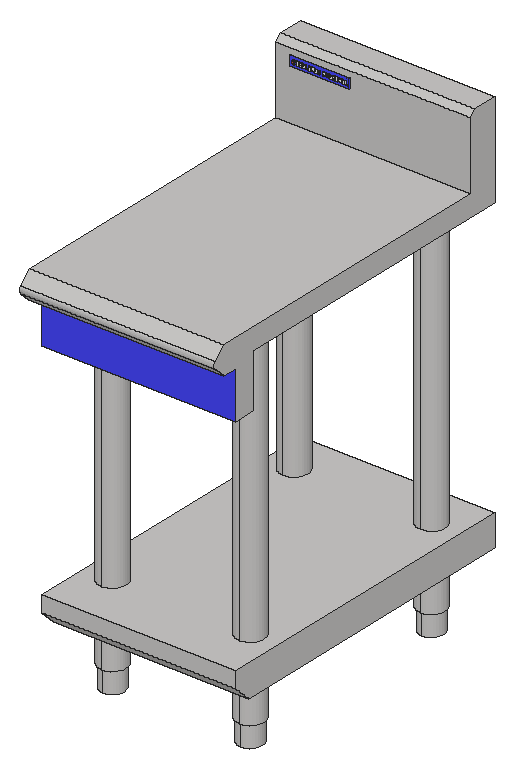
Revit family "QF_MOFFAT_BLUESEAL_CE_B45-LS", category Specialty Equipment, Revit 2012
Parameters
  Weight in Pounds = 88  # constant formula
  Width [instance] = 450.00 mm  # constant formula
  URL Cutsheet = "www.moffat.com"
  URL = "www.moffat.com"
  Type Mark [instance] = ""
  Status [instance] = ""
  Specification by User [instance] = ""
  Specification by Manufacturer = ""
  Show Logo [instance] = yes
  Show Casters [instance] = no
  Serial Number = ""
  Seismic Rating = ""
  SMACNA No = ""
  Revision Code [instance] = ""
  Omniclass Number and Title = ""
  NAFEM Spec ID Number = ""
  Model = "B45-LS"
  Masterspec = ""
  Manufacturer = "MOFFAT BLUESEAL"
  Legs [instance] = not(Show Casters)  # yes
  Item Number [instance] = ""
  Installed By [instance] = ""
  Identify Quantity as Lot [instance] = yes
  Height = 1085.00 mm  # constant formula
  Furnished By [instance] = ""
  Foodservice Equipment Identifier [instance] = yes
  Description = "450MM BENCH TOP ON LEG STAND"
  Depth [instance] = 812.00 mm  # constant formula
  CSI MasterFormat = ""
  CSI Master Format = ""
  Back Splash [instance] = 57.00 mm  # constant formula
Reference planes
  plane 1 "BACK": y = 0
  plane 2: z = 0
  plane 3 "LEFT": x = 0
  plane 4 "RIGHT": x = 450
  plane 5 "FRONT": y = -812
  plane 6 "TOP": z = 972
  plane 7 "Center Y": x = 225
  plane 8 "Center X": y = -406
  plane 9 "Base Height": z = 150
  plane 10: z = 915
  plane 11: x = 65
  plane 12: x = 384
  plane 13: y = -625
  plane 14: y = -100
  plane 15: z = 1085
Forms (mm)
  Extrusion 1, solid, material "QF_Finishes_Stainless Steel"
    sketch origin (0, 0, 0) x (0, 1, 0) y (0, 0, 1)
      loop
        line (0, 222.5) -> (-749, 222.5) -> (-749, 186) -> (-713, 150) -> (0, 150) -> (0, 222.5)
      loop
        line (-70, 915) -> (-783.97, 915) -> (-808.485, 890.485)
        arc (-808.485, 890.485) -> (-811.999, 882) -> (-808.485, 873.515) r 12
        line (-808.485, 873.515) -> (-784.97, 850) -> (-749, 850) -> (-749, 740) -> (-699, 740) -> (-699, 864.5) -> (0, 864.5) -> (0, 1085.5) -> (-57, 1085.5) -> (-70, 1072.5) -> (-70, 915)
    from 0 to 450
  Revolve 2, solid, material "QF_Finishes_Stainless Steel"
    sketch origin (65, -728, 0) x (0, 1, 0) y (0, 0, 1)
      loop
        line (71.25, 864.5) -> (71.25, 50) -> (75.5, 50) -> (75.5, 0) -> (103, 0) -> (103, 864.5) -> (71.25, 864.5)
      axis (103, 864.5) -> (103, 0)
    angle from 0 to 360
  Revolve 3, solid, material "QF_Finishes_Stainless Steel"
    sketch origin (384, -728, 0) x (0, 1, 0) y (0, 0, -1)
      loop
        line (71.25, -864.5) -> (103, -864.5) -> (103, 0) -> (75.5, 0) -> (75.5, -50) -> (71.25, -50) -> (71.25, -864.5)
      axis (103, -864.5) -> (103, 0)
    angle from 0 to 360
  Revolve 4, solid, material "QF_Finishes_Stainless Steel", visible <- "Show Casters"
    sketch origin (15.776, -99.755, -13.653) x (1, 0, 0) y (0, 0, 1)
      loop
        line (14.841, 63.604) -> (83.584, 63.604) -> (83.584, 67.109) -> (82.314, 68.379) -> (80.79, 68.379) -> (80.79, 71.826) -> (68.644, 71.826) -> (68.644, 81.79) -> (65.088, 83.843) -> (63.738, 92.179) -> (65.881, 92.179) -> (65.881, 98.529) -> (65.088, 98.529) -> (65.088, 104.879)
        arc (65.088, 104.879) -> (62.298, 111.614) -> (55.563, 114.404) r 9.525
        line (55.563, 114.404) -> (42.863, 114.404)
        arc (42.863, 114.404) -> (36.127, 111.614) -> (33.338, 104.879) r 9.525
        line (33.338, 104.879) -> (33.338, 98.529) -> (32.544, 98.529) -> (32.544, 92.179) -> (34.687, 92.179) -> (33.352, 83.932) -> (29.782, 81.871) -> (29.782, 71.826) -> (17.635, 71.826) -> (17.635, 68.379) -> (16.111, 68.379) -> (14.841, 67.109) -> (14.841, 63.604)
      axis (14.841, 63.604) -> (83.584, 63.604)
    angle from 0 to 360
  Extrusion 5, solid, material "QF_Finishes_Stainless Steel", visible <- "Show Casters"
    sketch origin (71.501, 133.353, -8.783) x (0, 1, 0) y (0, 0, 1)
      loop
        line (-201.603, 118.783) -> (-265.103, 118.783) -> (-252.746, 53.895)
        arc (-252.746, 53.895) -> (-233.353, 38.783) -> (-213.959, 53.895) r 20
        line (-213.959, 53.895) -> (-201.603, 118.783)
    from -35.667 to 22.923
  Revolve 6, solid, material "QF_Finishes_Stainless Steel", visible <- "Show Casters"
    sketch origin (65, -203, 0) x (0, 1, 0) y (0, 0, 1)
      loop
        line (67.25, 150) -> (67.25, 110) -> (103, 110) -> (103, 150) -> (67.25, 150)
      axis (103, 150) -> (103, 110)
    angle from 0 to 360
  Revolve 7, solid, material "QF_Finishes_Stainless Steel", visible <- "Show Casters"
    sketch origin (384, -203, 0) x (0, 1, 0) y (0, 0, -1)
      loop
        line (67.25, -150) -> (103, -150) -> (103, -110) -> (67.25, -110) -> (67.25, -150)
      axis (103, -150) -> (103, -110)
    angle from 0 to 360
  Revolve 8, solid, material "QF_Finishes_Stainless Steel", visible <- "Show Casters"
    sketch origin (334.776, -99.755, -13.653) x (1, 0, 0) y (0, 0, 1)
      loop
        line (14.841, 63.604) -> (83.584, 63.604) -> (83.584, 67.109) -> (82.314, 68.379) -> (80.79, 68.379) -> (80.79, 71.826) -> (68.644, 71.826) -> (68.644, 81.79) -> (65.088, 83.843) -> (63.738, 92.179) -> (65.881, 92.179) -> (65.881, 98.529) -> (65.088, 98.529) -> (65.088, 104.879)
        arc (65.088, 104.879) -> (62.298, 111.614) -> (55.563, 114.404) r 9.525
        line (55.563, 114.404) -> (42.863, 114.404)
        arc (42.863, 114.404) -> (36.127, 111.614) -> (33.338, 104.879) r 9.525
        line (33.338, 104.879) -> (33.338, 98.529) -> (32.544, 98.529) -> (32.544, 92.179) -> (34.687, 92.179) -> (33.352, 83.932) -> (29.782, 81.871) -> (29.782, 71.826) -> (17.635, 71.826) -> (17.635, 68.379) -> (16.111, 68.379) -> (14.841, 67.109) -> (14.841, 63.604)
      axis (14.841, 63.604) -> (83.584, 63.604)
    angle from 0 to 360
  Extrusion 9, solid, material "QF_Finishes_Stainless Steel", visible <- "Show Casters"
    sketch origin (390.501, 133.353, -8.783) x (0, 1, 0) y (0, 0, 1)
      loop
        line (-201.603, 118.783) -> (-265.103, 118.783) -> (-252.746, 53.895)
        arc (-252.746, 53.895) -> (-233.353, 38.783) -> (-213.959, 53.895) r 20
        line (-213.959, 53.895) -> (-201.603, 118.783)
    from -35.667 to 22.923
  Revolve 10, solid, material "QF_Finishes_Stainless Steel", visible <- "Legs"
    sketch origin (65, -165, 0) x (0, 1, 0) y (0, 0, 1)
      loop
        line (33.25, 150) -> (33.25, 50) -> (37.5, 50) -> (37.5, 0) -> (65, 0) -> (65, 150) -> (33.25, 150)
      axis (65, 150) -> (65, 0)
    angle from 0 to 360
  Revolve 11, solid, material "QF_Finishes_Stainless Steel", visible <- "Legs"
    sketch origin (384, -165, 0) x (0, 1, 0) y (0, 0, -1)
      loop
        line (33.25, -150) -> (65, -150) -> (65, 0) -> (37.5, 0) -> (37.5, -50) -> (33.25, -50) -> (33.25, -150)
      axis (65, -150) -> (65, 0)
    angle from 0 to 360
  Revolve 12, solid, material "QF_Finishes_Stainless Steel"
    sketch origin (65, -203, 150) x (0, 1, 0) y (0, 0, 1)
      loop
        line (71.25, 714.5) -> (71.25, 50) -> (75.5, 50) -> (75.5, 0) -> (103, 0) -> (103, 714.5) -> (71.25, 714.5)
      axis (103, 714.5) -> (103, 0)
    angle from 0 to 360
  Revolve 13, solid, material "QF_Finishes_Stainless Steel"
    sketch origin (384, -203, 150) x (0, 1, 0) y (0, 0, -1)
      loop
        line (71.25, -714.5) -> (103, -714.5) -> (103, 0) -> (75.5, 0) -> (75.5, -50) -> (71.25, -50) -> (71.25, -714.5)
      axis (103, -714.5) -> (103, 0)
    angle from 0 to 360
Cuts and joins
  joined: Extrusion 1, Revolve 2, Revolve 3, Revolve 12, Revolve 13
Lines and regions (mm)
  Split face 1
    outline origin (450, 0, 1085.5) x (-1, 0, 0) y (0, -1, 0)
      loop
        arc (342.206, 18.385) -> (350.866, 23.385) -> (350.866, 33.385) r 10
        line (350.866, 33.385) -> (346.824, 40.385)
        arc (346.824, 40.385) -> (343.164, 44.045) -> (338.164, 45.385) r 10
        line (338.164, 45.385) -> (110.206, 45.385)
        arc (110.206, 45.385) -> (101.545, 40.385) -> (101.545, 30.385) r 10
        line (101.545, 30.385) -> (105.587, 23.385)
        arc (105.587, 23.385) -> (109.247, 19.725) -> (114.247, 18.385) r 10
        line (114.247, 18.385) -> (342.206, 18.385)
  symbolic lines
    curve 1: line (0, 0, 0) -> (0, -812, 0)
    curve 2: line (450, 0, 0) -> (0, 0, 0)
    curve 3: line (450, -812, 0) -> (450, 0, 0)
    curve 4: line (0, -70, 0) -> (450, -70, 0)
    curve 5: line (0, -812, 0) -> (450, -812, 0)
    curve 14: line (111.836, -45.385, 0) -> (339.794, -45.385, 0)
    curve 15: arc (339.794, -45.385, 0) -> (348.455, -40.385, 0) -> (348.455, -30.385, 0) r 10
    curve 16: line (348.455, -30.385, 0) -> (344.413, -23.385, 0)
    curve 17: arc (344.413, -23.385, 0) -> (340.753, -19.725, 0) -> (335.753, -18.385, 0) r 10
    curve 18: line (335.753, -18.385, 0) -> (107.794, -18.385, 0)
    curve 19: arc (107.794, -18.385, 0) -> (99.134, -23.385, 0) -> (99.134, -33.385, 0) r 10
    curve 20: line (99.134, -33.385, 0) -> (103.176, -40.385, 0)
    curve 21: arc (103.176, -40.385, 0) -> (106.836, -44.045, 0) -> (111.836, -45.385, 0) r 10
  symbolic lines, style "SpecialityEquipmentHiddenLines", visible <- "Show Casters"
    curve 6: line (78.456, -47.735, 0) -> (105.952, -63.61, 0)
    curve 7: line (27.656, -135.723, 0) -> (78.456, -47.735, 0)
    curve 8: line (55.152, -151.598, 0) -> (27.656, -135.723, 0)
    curve 9: line (105.952, -63.61, 0) -> (55.152, -151.598, 0)
    curve 10: line (390.793, -47.151, 0) -> (418.289, -63.026, 0)
    curve 11: line (339.993, -135.139, 0) -> (390.793, -47.151, 0)
    curve 12: line (367.489, -151.014, 0) -> (339.993, -135.139, 0)
    curve 13: line (418.289, -63.026, 0) -> (367.489, -151.014, 0)
Dimensions and locks
  equal spacing: plane 3 "LEFT", plane 7 "Center Y", plane 4 "RIGHT"
  "Width": plane 3 "LEFT" to plane 4 "RIGHT"
  equal spacing: plane 5 "FRONT", plane 8 "Center X", plane 1 "BACK"
  "Depth": plane 5 "FRONT" to plane 1 "BACK"
  locked: plane 10 to level at 915
  locked: plane 9 "Base Height" to level at 150
  plane 6 "TOP" to plane 10 = 57.00 mm
  plane 13 to plane 14 = 525.00 mm
  plane 12 to plane 11 = 319.00 mm
  "Height": plane 15 to level
  Extrusion 1 sketch curve to level = 915.00 mm
  Revolve 4 sketch curve to Revolve 4 sketch curve = 50.80 mm
  Revolve 8 sketch curve to Revolve 8 sketch curve = 50.80 mm
  aligned and locked: level to plane 2
Automatic sketch dimensions
  curve 1 to plane 3 "LEFT" = 0.00 mm
  plane 1 "BACK" to curve 3 = 0.00 mm
  curve 3 to plane 4 "RIGHT" = 0.00 mm
  plane 5 "FRONT" to curve 3 = 0.00 mm
  plane 3 "LEFT" to curve 7 = 27.656 mm
  curve 9 to plane 11 = 9.848 mm
  plane 11 to curve 7 = 13.456 mm
  curve 6 to curve 19 = 20.678 mm
  curve 20 to curve 20 = 4.041 mm
  curve 19 to curve 19 = 8.66 mm
  curve 19 to curve 21 = 4.041 mm
  plane 1 "BACK" to curve 17 = 18.385 mm
  plane 12 to curve 17 = 48.247 mm
  curve 17 to curve 15 = 4.041 mm  (x2)
  plane 12 to curve 12 = 44.007 mm
  curve 17 to curve 17 = 8.66 mm
  plane 12 to curve 12 = 16.511 mm
  curve 11 to plane 12 = 6.793 mm
  curve 9 to plane 14 = 51.598 mm
  curve 13 to plane 14 = 51.014 mm
  curve 8 to curve 8 = 15.875 mm
  curve 12 to curve 12 = 15.875 mm
  plane 14 to curve 4 = 30.00 mm
  curve 6 to curve 21 = 18.225 mm
  curve 14 to curve 20 = 5.00 mm
  curve 14 to curve 15 = 10.00 mm
  curve 21 to curve 20 = 7.00 mm
  curve 15 to curve 17 = 7.00 mm
  Extrusion 1 sketch curve to plane 9 "Base Height" = 0.00 mm
  Extrusion 1 sketch curve to plane 1 "BACK" = 0.00 mm  (x2)
  plane 15 to Extrusion 1 sketch curve = 0.50 mm
  plane 14 to Extrusion 1 sketch curve = 43.00 mm
  Extrusion 1 sketch curve to plane 15 = 12.50 mm
  Extrusion 1 sketch curve to Extrusion 1 sketch curve = 13.00 mm
  Extrusion 1 sketch curve to plane 13 = 74.00 mm
  Extrusion 1 sketch curve to plane 13 = 88.00 mm
  Extrusion 1 sketch curve to Extrusion 1 sketch curve = 50.00 mm
  Extrusion 1 sketch curve to Extrusion 1 sketch curve = 36.00 mm
  Extrusion 1 sketch curve to plane 5 "FRONT" = 28.03 mm
  Extrusion 1 sketch curve to plane 5 "FRONT" = 27.03 mm
  Extrusion 1 sketch curve to plane 5 "FRONT" = 12.001 mm
  Extrusion 1 sketch curve to plane 5 "FRONT" = 3.515 mm  (x2)
  plane 9 "Base Height" to Extrusion 1 sketch curve = 36.00 mm
  Extrusion 1 sketch curve to Extrusion 1 sketch curve = 36.50 mm
  Extrusion 1 sketch curve to plane 10 = 175.00 mm
  Extrusion 1 sketch curve to plane 10 = 65.00 mm
  Extrusion 1 sketch curve to plane 10 = 50.50 mm
  Extrusion 1 sketch curve to Extrusion 1 sketch curve = 23.515 mm
  Extrusion 1 sketch curve to Extrusion 1 sketch curve = 8.485 mm
  Revolve 2 sketch curve to level = 0.00 mm
  Revolve 2 sketch curve to plane 13 = 0.00 mm  (x2)
  Revolve 2 sketch curve to plane 13 = 27.50 mm
  Revolve 2 sketch curve to Revolve 2 sketch curve = 31.75 mm
  Revolve 2 sketch curve to Revolve 2 sketch curve = 55.00 mm
  level to Revolve 2 sketch curve = 50.00 mm
  Revolve 2 sketch curve to Revolve 2 sketch curve = 0.00 mm
  Revolve 2 sketch curve to plane 10 = 50.50 mm
  Revolve 3 sketch curve to level = 0.00 mm
  Revolve 3 sketch curve to plane 13 = 0.00 mm  (x2)
  Revolve 3 sketch curve to plane 13 = 27.50 mm
  Revolve 3 sketch curve to plane 13 = 31.75 mm
  level to Revolve 3 sketch curve = 50.00 mm
  Revolve 3 sketch curve to Revolve 3 sketch curve = 0.00 mm
  Revolve 3 sketch curve to plane 10 = 50.50 mm
  Revolve 3 sketch curve to Revolve 3 sketch curve = 55.00 mm
  plane 3 "LEFT" to Revolve 4 sketch curve = 30.618 mm
  Revolve 4 sketch curve to Revolve 4 sketch curve = 1.27 mm  (x4)
  Revolve 4 sketch curve to Revolve 4 sketch curve = 1.524 mm  (x2)
  Revolve 4 sketch curve to Revolve 4 sketch curve = 12.146 mm  (x2)
  Revolve 4 sketch curve to plane 11 = 16.68 mm
  Revolve 4 sketch curve to Revolve 4 sketch curve = 0.794 mm  (x2)
  Revolve 4 sketch curve to Revolve 4 sketch curve = 3.57 mm
  Revolve 4 sketch curve to Revolve 4 sketch curve = 2.143 mm
  Revolve 4 sketch curve to plane 11 = 6.361 mm
  plane 11 to Revolve 4 sketch curve = 5.13 mm
  plane 11 to Revolve 4 sketch curve = 6.339 mm
  plane 11 to Revolve 4 sketch curve = 14.515 mm
  Revolve 4 sketch curve to Revolve 4 sketch curve = 1.349 mm  (x2)
  Revolve 4 sketch curve to Revolve 4 sketch curve = 3.556 mm
  Revolve 4 sketch curve to Revolve 4 sketch curve = 33.32 mm
  level to Revolve 4 sketch curve = 49.952 mm
  Revolve 4 sketch curve to Revolve 4 sketch curve = 0.00 mm
  Revolve 4 sketch curve to Revolve 4 sketch curve = 3.505 mm  (x2)
  Revolve 4 sketch curve to Revolve 4 sketch curve = 3.447 mm  (x2)
  Revolve 4 sketch curve to Revolve 4 sketch curve = 9.964 mm
  Revolve 4 sketch curve to Revolve 4 sketch curve = 10.045 mm
  Revolve 4 sketch curve to Revolve 4 sketch curve = 2.053 mm
  Revolve 4 sketch curve to Revolve 4 sketch curve = 2.061 mm
  Revolve 4 sketch curve to Revolve 4 sketch curve = 8.247 mm
  Revolve 4 sketch curve to Revolve 4 sketch curve = 8.336 mm
  Revolve 4 sketch curve to Revolve 4 sketch curve = 6.35 mm  (x2)
  Extrusion 5 sketch curve to plane 14 = 0.00 mm
  Extrusion 5 sketch curve to plane 14 = 19.393 mm
  Extrusion 5 sketch curve to plane 14 = 31.75 mm
  plane 14 to Extrusion 5 sketch curve = 19.393 mm
  plane 14 to Extrusion 5 sketch curve = 31.75 mm
  level to Extrusion 5 sketch curve = 45.111 mm
  Extrusion 5 sketch curve to Extrusion 5 sketch curve = 4.889 mm
  Extrusion 5 sketch curve to plane 9 "Base Height" = 40.00 mm
  Revolve 6 sketch curve to plane 9 "Base Height" = 0.00 mm
  Revolve 6 sketch curve to plane 14 = 0.00 mm  (x2)
  Revolve 6 sketch curve to plane 14 = 35.75 mm
  Revolve 6 sketch curve to Revolve 6 sketch curve = 40.00 mm
  level to Revolve 6 sketch curve = 50.00 mm
  Revolve 6 sketch curve to level = 55.00 mm
  Revolve 7 sketch curve to plane 9 "Base Height" = 0.00 mm
  Revolve 7 sketch curve to plane 14 = 0.00 mm  (x2)
  Revolve 7 sketch curve to plane 14 = 35.75 mm
  Revolve 7 sketch curve to plane 9 "Base Height" = 40.00 mm
  level to Revolve 7 sketch curve = 50.00 mm
  Revolve 7 sketch curve to level = 55.00 mm
  plane 12 to Revolve 8 sketch curve = 34.382 mm
  Revolve 8 sketch curve to Revolve 8 sketch curve = 1.27 mm  (x4)
  Revolve 8 sketch curve to Revolve 8 sketch curve = 1.524 mm  (x2)
  Revolve 8 sketch curve to Revolve 8 sketch curve = 12.146 mm  (x2)
  plane 12 to Revolve 8 sketch curve = 16.68 mm
  Revolve 8 sketch curve to Revolve 8 sketch curve = 0.794 mm  (x2)
  Revolve 8 sketch curve to Revolve 8 sketch curve = 3.57 mm
  Revolve 8 sketch curve to Revolve 8 sketch curve = 2.143 mm
  plane 12 to Revolve 8 sketch curve = 6.361 mm
  Revolve 8 sketch curve to plane 12 = 5.13 mm
  Revolve 8 sketch curve to plane 12 = 6.339 mm
  Revolve 8 sketch curve to plane 12 = 14.515 mm
  Revolve 8 sketch curve to Revolve 8 sketch curve = 1.349 mm  (x2)
  Revolve 8 sketch curve to Revolve 8 sketch curve = 3.556 mm
  Revolve 8 sketch curve to plane 4 "RIGHT" = 1.68 mm
  level to Revolve 8 sketch curve = 49.952 mm
  Revolve 8 sketch curve to Revolve 8 sketch curve = 0.00 mm
  Revolve 8 sketch curve to Revolve 8 sketch curve = 3.505 mm  (x2)
  Revolve 8 sketch curve to Revolve 8 sketch curve = 3.447 mm  (x2)
  Revolve 8 sketch curve to Revolve 8 sketch curve = 9.964 mm
  Revolve 8 sketch curve to Revolve 8 sketch curve = 10.045 mm
  Revolve 8 sketch curve to Revolve 8 sketch curve = 2.053 mm
  Revolve 8 sketch curve to Revolve 8 sketch curve = 2.061 mm
  Revolve 8 sketch curve to Revolve 8 sketch curve = 8.247 mm
  Revolve 8 sketch curve to Revolve 8 sketch curve = 8.336 mm
  Revolve 8 sketch curve to Revolve 8 sketch curve = 6.35 mm  (x2)
  Extrusion 9 sketch curve to plane 14 = 0.00 mm
  Extrusion 9 sketch curve to plane 14 = 19.393 mm
  Extrusion 9 sketch curve to plane 14 = 31.75 mm
  plane 14 to Extrusion 9 sketch curve = 19.393 mm
  plane 14 to Extrusion 9 sketch curve = 31.75 mm
  level to Extrusion 9 sketch curve = 45.111 mm
  Extrusion 9 sketch curve to Extrusion 9 sketch curve = 4.889 mm
  Extrusion 9 sketch curve to plane 9 "Base Height" = 40.00 mm
  Revolve 10 sketch curve to plane 9 "Base Height" = 0.00 mm
  Revolve 10 sketch curve to level = 0.00 mm
  Revolve 10 sketch curve to plane 14 = 0.00 mm  (x2)
  Revolve 10 sketch curve to Revolve 10 sketch curve = 27.50 mm
  Revolve 10 sketch curve to Revolve 10 sketch curve = 31.75 mm
  Revolve 10 sketch curve to level = 55.00 mm
  Revolve 10 sketch curve to Revolve 10 sketch curve = 50.00 mm
  Revolve 10 sketch curve to Revolve 10 sketch curve = 0.00 mm
  Revolve 11 sketch curve to plane 9 "Base Height" = 0.00 mm
  Revolve 11 sketch curve to level = 0.00 mm
  Revolve 11 sketch curve to plane 14 = 0.00 mm  (x2)
  Revolve 11 sketch curve to Revolve 11 sketch curve = 27.50 mm
  Revolve 11 sketch curve to Revolve 11 sketch curve = 31.75 mm
  level to Revolve 11 sketch curve = 50.00 mm
  Revolve 11 sketch curve to Revolve 11 sketch curve = 0.00 mm
  Revolve 11 sketch curve to Revolve 11 sketch curve = 55.00 mm
  level to Revolve 12 sketch curve = 150.00 mm
  Revolve 12 sketch curve to plane 14 = 0.00 mm  (x2)
  Revolve 12 sketch curve to plane 14 = 27.50 mm
  Revolve 12 sketch curve to Revolve 12 sketch curve = 31.75 mm
  Revolve 12 sketch curve to Revolve 12 sketch curve = 55.00 mm
  level to Revolve 12 sketch curve = 200.00 mm
  Revolve 12 sketch curve to Revolve 12 sketch curve = 0.00 mm
  Revolve 12 sketch curve to plane 10 = 50.50 mm
  level to Revolve 13 sketch curve = 150.00 mm
  Revolve 13 sketch curve to plane 14 = 0.00 mm  (x2)
  Revolve 13 sketch curve to plane 14 = 27.50 mm
  Revolve 13 sketch curve to plane 14 = 31.75 mm
  level to Revolve 13 sketch curve = 200.00 mm
  Revolve 13 sketch curve to Revolve 13 sketch curve = 0.00 mm
  Revolve 13 sketch curve to plane 10 = 50.50 mm
  Revolve 13 sketch curve to Revolve 13 sketch curve = 55.00 mm
  Split face 1 sketch curve to cut or joined group of Extrusion 1, Revolve 2, Revolve 3, Revolve 12, Revolve 13 = 26.615 mm
  Split face 1 sketch curve to cut or joined group of Extrusion 1, Revolve 2, Revolve 3, Revolve 12, Revolve 13 = 101.545 mm
  Split face 1 sketch curve to Split face 1 sketch curve = 4.041 mm  (x4)
  Split face 1 sketch curve to Split face 1 sketch curve = 8.66 mm  (x2)
  Split face 1 sketch curve to cut or joined group of Extrusion 1, Revolve 2, Revolve 3, Revolve 12, Revolve 13 = 11.615 mm
  Split face 1 sketch curve to cut or joined group of Extrusion 1, Revolve 2, Revolve 3, Revolve 12, Revolve 13 = 111.836 mm
  Split face 1 sketch curve to Split face 1 sketch curve = 7.00 mm  (x3)
  Split face 1 sketch curve to Split face 1 sketch curve = 17.00 mm
Nested families
  nested 1: "WALDORF LOGO_FACE BASE" at (32.128, -70, 1056.422) x (1, 0, 0) z (0, -1, 0), visible <- "Show Logo", type "WALDORF LOGO_FACE BASE", detail levels medium+fine
    with Show Logo yes
Definition of nested family "WALDORF LOGO_FACE BASE"
  Parameters (values of type "WALDORF LOGO_FACE BASE")
    Show Logo [instance] = yes
    Default Elevation = 1219.20 mm
  Reference planes
    plane 1 "Center (Front/Back)": y = 0
    plane 2: z = 0
    plane 3 "Center (Left/Right)": x = 0
  Forms (mm)
    Extrusion 1, solid
      sketch origin (0, 0, 0) x (1, 0, 0) y (0, 1, 0)
        loop
          line (-1219.2, 1219.2) -> (-1219.2, -1219.2) -> (1219.2, -1219.2) -> (1219.2, 1219.2) -> (-1219.2, 1219.2)
      from 0 to -304.8
    Extrusion 2, solid, material "QF_Finishes_Blue", visible <- "Show Logo"
      sketch origin (0, -33.217, 0) x (1, 0, 0) y (0, 1, 0)
        loop
          arc (138, 31.942) -> (137.626, 32.844) -> (136.724, 33.217) r 1.276
          line (136.724, 33.217) -> (1.29, 33.217)
          arc (1.29, 33.217) -> (0.378, 32.839) -> (0, 31.927) r 1.29
          line (0, 31.927) -> (0, 11.507)
          arc (0, 11.507) -> (0.378, 10.595) -> (1.29, 10.217) r 1.29
          line (1.29, 10.217) -> (136.71, 10.217)
          arc (136.71, 10.217) -> (137.622, 10.595) -> (138, 11.507) r 1.29
          line (138, 11.507) -> (138, 31.942)
      from 0 to 1.588
    Extrusion 3, solid, material "QF_Finishes_White", visible <- "Show Logo"
      sketch origin (0, -33.217, 1.588) x (1, 0, 0) y (0, 1, 0)
        loop
          arc (108.946, 25.919) -> (107.613, 25.367) -> (107.061, 24.034) r 1.885
          line (107.061, 24.034) -> (107.061, 17.211) -> (112.704, 17.211) -> (112.704, 19.129) -> (115.546, 19.129) -> (115.546, 17.211) -> (121.584, 17.211) -> (121.584, 24.075)
          arc (121.584, 24.075) -> (121.043, 25.379) -> (119.739, 25.919) r 1.845
          line (119.739, 25.919) -> (108.946, 25.919)
        loop
          line (123.478, 25.919) -> (123.478, 17.163) -> (134.904, 17.163) -> (134.904, 19.129) -> (129.246, 19.129) -> (129.246, 25.919) -> (123.478, 25.919)
        loop
          line (112.704, 21.258) -> (115.546, 21.258) -> (115.546, 22.702)
          arc (115.546, 22.702) -> (115.344, 23.188) -> (114.858, 23.389) r 0.687
          line (114.858, 23.389) -> (113.363, 23.389)
          arc (113.363, 23.389) -> (112.897, 23.196) -> (112.704, 22.73) r 0.658
          line (112.704, 22.73) -> (112.704, 21.258)
        loop
          line (105.071, 25.919) -> (93.771, 25.919) -> (93.771, 17.163) -> (105.071, 17.163) -> (105.071, 19.063) -> (99.535, 19.063) -> (99.535, 20.437) -> (105.071, 20.437) -> (105.071, 22.278) -> (99.535, 22.278) -> (99.535, 23.587) -> (105.071, 23.587) -> (105.071, 25.919)
        loop
          line (91.104, 25.919) -> (79.541, 25.919)
          arc (79.541, 25.919) -> (78.558, 25.513) -> (78.152, 24.53) r 1.389
          line (78.152, 24.53) -> (78.152, 22.08)
          arc (78.152, 22.08) -> (78.558, 21.098) -> (79.541, 20.691) r 1.389
          line (79.541, 20.691) -> (86.346, 20.691) -> (86.346, 18.864) -> (83.266, 18.864) -> (83.266, 19.664) -> (78.152, 19.664) -> (78.152, 18.553)
          arc (78.152, 18.553) -> (78.558, 17.57) -> (79.541, 17.163) r 1.389
          line (79.541, 17.163) -> (91.063, 17.163)
          arc (91.063, 17.163) -> (92.045, 17.57) -> (92.452, 18.553) r 1.389
          line (92.452, 18.553) -> (92.452, 20.691)
          arc (92.452, 20.691) -> (92.045, 21.673) -> (91.063, 22.08) r 1.389
          line (91.063, 22.08) -> (83.266, 22.08) -> (83.266, 23.984) -> (86.346, 23.984) -> (86.346, 22.743) -> (92.452, 22.743) -> (92.452, 24.571)
          arc (92.452, 24.571) -> (92.057, 25.524) -> (91.104, 25.919) r 1.348
        loop
          line (70.705, 25.919) -> (59.405, 25.919) -> (59.405, 17.163) -> (70.705, 17.163) -> (70.705, 19.063) -> (65.169, 19.063) -> (65.169, 20.437) -> (70.705, 20.437) -> (70.705, 22.278) -> (65.169, 22.278) -> (65.169, 23.587) -> (70.705, 23.587) -> (70.705, 25.919)
        loop
          line (57.598, 25.919) -> (51.7, 25.919) -> (51.7, 20.18)
          arc (51.7, 20.18) -> (50.63, 19.11) -> (49.56, 20.18) r 1.07
          line (49.56, 20.18) -> (49.56, 25.919) -> (43.663, 25.919) -> (43.663, 19.049)
          arc (43.663, 19.049) -> (44.215, 17.716) -> (45.548, 17.163) r 1.885
          line (45.548, 17.163) -> (55.71, 17.163)
          arc (55.71, 17.163) -> (57.045, 17.716) -> (57.598, 19.051) r 1.887
          line (57.598, 19.051) -> (57.598, 25.919)
        loop
          line (31.62, 25.919) -> (31.62, 17.163) -> (43.046, 17.163) -> (43.046, 19.129) -> (37.388, 19.129) -> (37.388, 25.919) -> (31.62, 25.919)
        loop
          line (15.969, 25.919) -> (15.969, 17.163) -> (28.693, 17.163)
          arc (28.693, 17.163) -> (29.812, 17.627) -> (30.276, 18.746) r 1.582
          line (30.276, 18.746) -> (30.276, 20.447) -> (29.48, 21.243) -> (30.276, 22.039) -> (30.276, 24.332)
          arc (30.276, 24.332) -> (29.811, 25.454) -> (28.688, 25.919) r 1.587
          line (28.688, 25.919) -> (15.969, 25.919)
        loop
          line (21.449, 24.159) -> (21.449, 22.436) -> (23.862, 22.436)
          arc (23.862, 22.436) -> (24.723, 23.298) -> (23.862, 24.159) r 0.861
          line (23.862, 24.159) -> (21.449, 24.159)
        loop
          line (21.449, 20.244) -> (21.449, 18.522) -> (23.862, 18.522)
          arc (23.862, 18.522) -> (24.723, 19.383) -> (23.862, 20.244) r 0.861
          line (23.862, 20.244) -> (21.449, 20.244)
      from 0 to 0.2
    Extrusion 4, solid, material "QF_Finishes_Blue", visible <- "Show Logo"
      sketch origin (-126.498, -31.09, 1.588) x (1, 0, 0) y (0, 1, 0)
        loop
          line (136.738, 23.522) -> (136.738, 15.1)
          arc (136.738, 15.1) -> (140.756, 19.311) -> (136.738, 23.522) r 4.216
      from 0 to 0.2
    Extrusion 5, solid, material "QF_Finishes_Red", visible <- "Show Logo"
      sketch origin (146.849, -31.09, 1.588) x (-1, 0, 0) y (0, -1, 0)
        loop
          arc (136.738, -23.522) -> (140.756, -19.311) -> (136.738, -15.1) r 4.216
          line (136.738, -15.1) -> (136.738, -23.522)
      from 0 to 0.2
  Lines and regions (mm)
    Split face 1
      outline origin (-90.35, -30.793, 1.588) x (1, 0, 0) y (0, 1, 0)
        loop
          circle (100.54, 19.013) r 4.536
  Dimensions and locks
    aligned and locked: plane 2 to Extrusion 1
    aligned and locked: level to Extrusion 1
